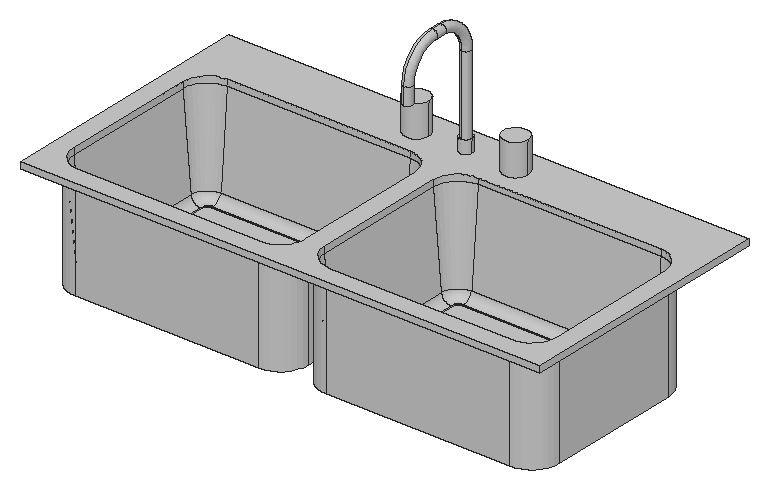
Revit family "Sink Kitchen-Double.rfa #", category Plumbing Fixtures, Revit 2023
Family settings
  Round Connector Dimension = Use Diameter
  Part Type = Normal
  Work Plane-Based = No
  Enable Cutting in Views = No
  Always vertical = Yes
  Cut with Voids When Loaded = No
  Maintain Annotation Orientation = No
  Shared = Yes
  Room Calculation Point = No
Parameters (values of type "42" x 21"")
  Default Elevation = 0' - 0"
  Assembly Code = "D2010410"
  Counter Height = 3' - 0"
  Depth = 1' - 9"
  Faucet Material = Steel, Polished
  Sink Material = Steel, Polished
  Width = 3' - 6"
Reference planes (in)
  plane 1 "Center (Front/Back)": y = -1.40766
  plane 2: z = 0
  plane 3 "Center (Left/Right)": x = 0.61769
  plane 4: y = 10.59234
  plane 5: y = -10.40766
  plane 6: x = -20.38231
  plane 7: x = 21.61769
  plane 8 "Top Of Counter": z = 36
  plane 9: z = 36.5
  plane 10: z = 27.5
  plane 11: y = 6.09234
  plane 12: x = -18.88231
  plane 13: y = -8.90766
  plane 14: x = 20.11769
  plane 15: x = -3.38231
  plane 16: x = 4.61769
  plane 17: y = 8.34234
  plane 18: y = 8.34234
  plane 19: y = 8.34234
  plane 20: z = 46.375
  plane 21: y = 2.46734
  plane 22: z = 39
  plane 23: z = 37.5
  plane 24: x = -0.13231
  plane 25: x = 1.36769
  plane 26: x = -9.13231
  plane 27: x = 10.36769
  plane 28: z = 27.875
Forms (in)
  Extrusion 1, solid, material "Steel, Polished" <- "Sink Material"
    sketch origin (0, 0, 0) x (1, 0, 0) y (0, 1, 0)
      loop
        line (-20.38231, 10.59234) -> (-20.38231, -10.40766) -> (21.61769, -10.40766) -> (21.61769, 10.59234) -> (-20.38231, 10.59234)
      loop
        arc (-16.88231, 6.09234) -> (-18.29653, 5.50655) -> (-18.88231, 4.09234) r 2
        line (-18.88231, 4.09234) -> (-18.88231, -6.90766)
        arc (-18.88231, -6.90766) -> (-18.29653, -8.32187) -> (-16.88231, -8.90766) r 2
        line (-16.88231, -8.90766) -> (-2.13231, -8.90766)
        arc (-2.13231, -8.90766) -> (-0.7181, -8.32187) -> (-0.13231, -6.90766) r 2
        line (-0.13231, -6.90766) -> (-0.13231, 4.09234)
        arc (-0.13231, 4.09234) -> (-0.7181, 5.50655) -> (-2.13231, 6.09234) r 2
        line (-2.13231, 6.09234) -> (-16.88231, 6.09234)
      loop
        arc (18.11769, -8.90766) -> (19.5319, -8.32187) -> (20.11769, -6.90766) r 2
        line (20.11769, -6.90766) -> (20.11769, 4.09234)
        arc (20.11769, 4.09234) -> (19.5319, 5.50655) -> (18.11769, 6.09234) r 2
        line (18.11769, 6.09234) -> (3.36769, 6.09234)
        arc (3.36769, 6.09234) -> (1.95347, 5.50655) -> (1.36769, 4.09234) r 2
        line (1.36769, 4.09234) -> (1.36769, -6.90766)
        arc (1.36769, -6.90766) -> (1.95347, -8.32187) -> (3.36769, -8.90766) r 2
        line (3.36769, -8.90766) -> (18.11769, -8.90766)
    from 36 to 36.5
  Sweep 2, solid, material "Steel, Polished" <- "Sink Material"
    path origin (0, 0, 0) x (1, 0, 0) y (0, 1, 0)
      loop
        arc (-16.88231, 6.09234) -> (-18.29653, 5.50655) -> (-18.88231, 4.09234) r 2
        line (-18.88231, 4.09234) -> (-18.88231, -6.90766)
        arc (-18.88231, -6.90766) -> (-18.29653, -8.32187) -> (-16.88231, -8.90766) r 2
        line (-16.88231, -8.90766) -> (-2.13231, -8.90766)
        arc (-2.13231, -8.90766) -> (-0.7181, -8.32187) -> (-0.13231, -6.90766) r 2
        line (-0.13231, -6.90766) -> (-0.13231, 4.09234)
        arc (-0.13231, 4.09234) -> (-0.7181, 5.50655) -> (-2.13231, 6.09234) r 2
        line (-2.13231, 6.09234) -> (-16.88231, 6.09234)
    profile origin (-9.50731, 0, 0) x (0, 1, 0) y (0, 0, 1)
      loop
        line (6.09234, 36) -> (5.44139, 28.55963)
        arc (5.44139, 28.55963) -> (5.20094, 28.07204) -> (4.69424, 27.875) r 0.75
        line (4.69424, 27.875) -> (4.59234, 27.875) -> (4.59234, 27.5) -> (6.34234, 27.5) -> (6.34234, 36) -> (6.09234, 36)
  Extrusion 3, solid, material "Steel, Polished" <- "Sink Material"
    sketch origin (0, 0, 0) x (1, 0, 0) y (0, 1, 0)
      loop
        arc (-16.88231, 4.59234) -> (-17.23587, 4.44589) -> (-17.38231, 4.09234) r 0.5
        line (-17.38231, 4.09234) -> (-17.38231, -6.90766)
        arc (-17.38231, -6.90766) -> (-17.23587, -7.26121) -> (-16.88231, -7.40766) r 0.5
        line (-16.88231, -7.40766) -> (-2.13231, -7.40766)
        arc (-2.13231, -7.40766) -> (-1.77876, -7.26121) -> (-1.63231, -6.90766) r 0.5
        line (-1.63231, -6.90766) -> (-1.63231, 4.09234)
        arc (-1.63231, 4.09234) -> (-1.77876, 4.44589) -> (-2.13231, 4.59234) r 0.5
        line (-2.13231, 4.59234) -> (-16.88231, 4.59234)
      loop
        circle (-9.13231, -1.40766) r 1
    from 27.5 to 27.875
  Extrusion 4, solid, material "Steel, Polished" <- "Faucet Material"
    sketch origin (0, 0, 0) x (1, 0, 0) y (0, 1, 0)
      loop
        circle (-3.38231, 8.34234) r 1
      loop
        circle (4.61769, 8.34234) r 1
    from 36.5 to 39
  Sweep 5, solid, material "Steel, Polished" <- "Faucet Material"
    path origin (0.61769, 0, 0) x (0, 1, 0) y (0, 0, 1)
      loop
        line (8.34234, 36.5) -> (8.34234, 43.875)
        arc (8.34234, 43.875) -> (7.61011, 45.64277) -> (5.84234, 46.375) r 2.5
        line (5.84234, 46.375) -> (4.96734, 46.375)
        arc (4.96734, 46.375) -> (3.19957, 45.64277) -> (2.46734, 43.875) r 2.5
        line (2.46734, 43.875) -> (2.46734, 42.5)
    profile origin (0.61769, 0, 40.1875) x (0, -1, 0) y (1, 0, 0)
      loop
        circle (-8.34234, 0) r 0.375
  Extrusion 6, solid, material "Steel, Polished" <- "Faucet Material"
    sketch origin (0, 0, 0) x (1, 0, 0) y (0, 1, 0)
      loop
        circle (0.61769, 8.34234) r 0.5
    from 36.5 to 37.5
  Sweep 7, solid, material "Steel, Polished" <- "Sink Material"
    path origin (1.23537, 0, 0) x (-1, 0, 0) y (0, -1, 0)
      loop
        line (-16.88231, -6.09234) -> (-2.13231, -6.09234)
        arc (-2.13231, -6.09234) -> (-0.7181, -5.50655) -> (-0.13231, -4.09234) r 2
        line (-0.13231, -4.09234) -> (-0.13231, 6.90766)
        arc (-0.13231, 6.90766) -> (-0.7181, 8.32187) -> (-2.13231, 8.90766) r 2
        line (-2.13231, 8.90766) -> (-16.88231, 8.90766)
        arc (-16.88231, 8.90766) -> (-18.29653, 8.32187) -> (-18.88231, 6.90766) r 2
        line (-18.88231, 6.90766) -> (-18.88231, -4.09234)
        arc (-18.88231, -4.09234) -> (-18.29653, -5.50655) -> (-16.88231, -6.09234) r 2
    profile origin (10.74269, 0, 0) x (0, -1, 0) y (0, 0, 1)
      loop
        line (-6.09234, 36) -> (-6.34234, 36) -> (-6.34234, 27.5) -> (-4.59234, 27.5) -> (-4.59234, 27.875) -> (-4.69424, 27.875)
        arc (-4.69424, 27.875) -> (-5.20094, 28.07204) -> (-5.44139, 28.55963) r 0.75
        line (-5.44139, 28.55963) -> (-6.09234, 36)
  Extrusion 8, solid, material "Steel, Polished" <- "Sink Material"
    sketch origin (0, 0, 0) x (1, 0, 0) y (0, 1, 0)
      loop
        arc (3.36769, 4.69424) -> (3.01413, 4.5478) -> (2.86769, 4.19424) r 0.5
        line (2.86769, 4.19424) -> (2.86769, -6.90766)
        arc (2.86769, -6.90766) -> (3.01413, -7.26121) -> (3.36769, -7.40766) r 0.5
        line (3.36769, -7.40766) -> (18.11769, -7.40766)
        arc (18.11769, -7.40766) -> (18.47124, -7.26121) -> (18.61769, -6.90766) r 0.5
        line (18.61769, -6.90766) -> (18.61769, 4.19424)
        arc (18.61769, 4.19424) -> (18.47124, 4.5478) -> (18.11769, 4.69424) r 0.5
        line (18.11769, 4.69424) -> (3.36769, 4.69424)
      loop
        circle (10.36769, -1.40766) r 1
    from 27.5 to 27.875
Cuts and joins
  joined: Extrusion 1, Sweep 2, Sweep 7
  joined: Sweep 5, Extrusion 6
Lines and regions (in)
  Masking region 1
    outline origin (0, 0, 36) x (0, -1, 0) y (1, 0, 0)
      loop
        line (-10.59234, -20.38231) -> (10.40766, -20.38231) -> (10.40766, 21.61769) -> (-10.59234, 21.61769) -> (-10.59234, -20.38231)
  symbolic lines
    curve 1: line (-18.88231, 4.09234, 36) -> (-18.88231, -6.90766, 36)
    curve 2: line (-16.88231, -8.90766, 36) -> (-2.13231, -8.90766, 36)
    curve 3: line (20.11769, -6.90766, 36) -> (20.11769, 4.09234, 36)
    curve 4: line (18.11769, 6.09234, 36) -> (3.36769, 6.09234, 36)
    curve 5: arc (20.11769, 4.09234, 36) -> (19.5319, 5.50655, 36) -> (18.11769, 6.09234, 36) r 2
    curve 6: arc (18.11769, -8.90766, 36) -> (19.5319, -8.32187, 36) -> (20.11769, -6.90766, 36) r 2
    curve 7: arc (-18.88231, -6.90766, 36) -> (-18.29653, -8.32187, 36) -> (-16.88231, -8.90766, 36) r 2
    curve 8: arc (-16.88231, 6.09234, 36) -> (-18.29653, 5.50655, 36) -> (-18.88231, 4.09234, 36) r 2
    curve 9: arc (1.11769, 8.34234, 36) -> (0.61769, 8.84234, 36) -> (0.11769, 8.34234, 36) r 0.5
    curve 10: line (0.11769, 8.34234, 36) -> (0.11769, 0.59234, 36)
    curve 11: line (1.11769, 8.34234, 36) -> (1.11769, 0.59234, 36)
    curve 12: arc (1.11769, 0.59234, 36) -> (0.61769, 0.09234, 36) -> (0.11769, 0.59234, 36) r 0.5
    curve 13: line (-0.13231, 4.09234, 36) -> (-0.13231, -6.90766, 36)
    curve 14: line (1.36769, 4.09234, 36) -> (1.36769, -6.90766, 36)
    curve 15: line (3.36769, -8.90766, 36) -> (18.11769, -8.90766, 36)
    curve 16: line (-2.13231, 6.09234, 36) -> (-16.88231, 6.09234, 36)
    curve 17: arc (3.36769, 6.09234, 36) -> (1.95347, 5.50655, 36) -> (1.36769, 4.09234, 36) r 2
    curve 18: arc (1.36769, -6.90766, 36) -> (1.95347, -8.32187, 36) -> (3.36769, -8.90766, 36) r 2
    curve 19: arc (-0.13231, -6.90766, 36) -> (-0.7181, -8.32187, 36) -> (-2.13231, -8.90766, 36) r 2
    curve 20: arc (-0.13231, 4.09234, 36) -> (-0.7181, 5.50655, 36) -> (-2.13231, 6.09234, 36) r 2
    curve 21: arc (-10.13231, -1.40766, 36) -> (-9.13231, -0.40766, 36) -> (-8.13231, -1.40766, 36) r 1
    curve 22: arc (-8.13231, -1.40766, 36) -> (-9.13231, -2.40766, 36) -> (-10.13231, -1.40766, 36) r 1
    curve 23: arc (9.36769, -1.40766, 36) -> (10.36769, -0.40766, 36) -> (11.36769, -1.40766, 36) r 1
    curve 24: arc (11.36769, -1.40766, 36) -> (10.36769, -2.40766, 36) -> (9.36769, -1.40766, 36) r 1
    curve 25: arc (-4.38231, 8.34234, 36) -> (-3.38231, 7.34234, 36) -> (-2.38231, 8.34234, 36) r 1
    curve 26: arc (-2.38231, 8.34234, 36) -> (-3.38231, 9.34234, 36) -> (-4.38231, 8.34234, 36) r 1
    curve 27: arc (3.61769, 8.34234, 36) -> (4.61769, 7.34234, 36) -> (5.61769, 8.34234, 36) r 1
    curve 28: arc (5.61769, 8.34234, 36) -> (4.61769, 9.34234, 36) -> (3.61769, 8.34234, 36) r 1
Dimensions and locks (in)
  equal spacing: plane 6, plane 3 "Center (Left/Right)", plane 7
  "Width": plane 6 to plane 7
  "Depth": plane 5 to plane 4
  "Counter Height": plane 8 "Top Of Counter" to plane 2
  locked: plane 9 to plane 8 "Top Of Counter" at 0.5
  locked: plane 8 "Top Of Counter" to plane 10 at 8.5
  locked: plane 6 to plane 12 at 1.5
  locked: plane 14 to plane 7 at 1.5
  locked: plane 11 to plane 4 at 4.5
  locked: plane 5 to plane 13 at 1.5
  equal spacing: plane 11, plane 17, plane 4
  equal spacing: plane 11, plane 18, plane 4
  equal spacing: plane 4, plane 19, plane 11
  locked: plane 19 to plane 21 at 5.875
  locked: plane 20 to plane 9 at 9.875
  locked: plane 22 to plane 9 at 2.5
  locked: plane 23 to plane 9 at 1
  plane 24 to plane 3 "Center (Left/Right)" to plane 25 = 0' - 0 3/4" locked, 0' - 0 3/4" locked
  equal spacing: plane 12, plane 26, plane 3 "Center (Left/Right)"
  equal spacing: plane 3 "Center (Left/Right)", plane 27, plane 14
  equal spacing: plane 13, plane 1 "Center (Front/Back)", plane 11
  locked: plane 15 to plane 3 "Center (Left/Right)" at 4
  locked: plane 3 "Center (Left/Right)" to plane 16 at 4
  locked: plane 28 to plane 10 at 0.375
  aligned and locked: Extrusion 1 sketch curve to plane 5
  aligned and locked: plane 7 to Extrusion 1 sketch curve
  aligned and locked: plane 4 to Extrusion 1 sketch curve
  aligned and locked: Extrusion 1 sketch curve to plane 6
  aligned and locked: plane 8 "Top Of Counter" to Extrusion 1
  aligned and locked: Extrusion 1 to plane 9
  aligned and locked: plane 11 to Extrusion 1 sketch curve
  aligned and locked: plane 14 to Extrusion 1 sketch curve
  aligned and locked: Extrusion 1 sketch curve to plane 12
  aligned and locked: Extrusion 1 sketch curve to plane 13
  aligned and locked: plane 11 to Sweep 2 sketch curve
  aligned and locked: Sweep 2 sketch curve to plane 12
  aligned and locked: Sweep 2 sketch curve to plane 13
  aligned and locked: Sweep 2 to Extrusion 3 sketch curve  (x4)
  aligned and locked: plane 10 to Extrusion 3
  aligned and locked: Sweep 2 sketch curve to plane 10
  aligned and locked: plane 8 "Top Of Counter" to Sweep 2 sketch curve
  aligned and locked: Extrusion 4 to Extrusion 1
  aligned and locked: Extrusion 6 to Extrusion 1
  aligned and locked: Sweep 5 sketch curve to plane 19
  aligned and locked: plane 20 to Sweep 5 sketch curve
  aligned and locked: plane 21 to Sweep 5 sketch curve
  aligned and locked: Extrusion 4 to plane 22
  aligned and locked: Extrusion 6 to plane 23
  aligned and locked: Sweep 2 sketch curve to Extrusion 1
  aligned and locked: Sweep 7 sketch curve to plane 14
  aligned and locked: Sweep 7 sketch curve to Extrusion 1
  aligned and locked: Sweep 7 sketch curve to plane 11
  aligned and locked: plane 13 to Sweep 7 sketch curve
  aligned and locked: plane 10 to Extrusion 8
  aligned and locked: curve 21 to Extrusion 3
  aligned and locked: curve 23 to Extrusion 8
  aligned and locked: Extrusion 8 sketch curve to Sweep 7
  aligned and locked: Sweep 7 sketch curve to plane 8 "Top Of Counter"
  aligned and locked: plane 10 to Sweep 7 sketch curve
  aligned and locked: plane 4 to Masking region 1 sketch curve
  aligned and locked: plane 7 to Masking region 1 sketch curve
  aligned and locked: Masking region 1 sketch curve to plane 5
  aligned and locked: Masking region 1 sketch curve to plane 6
  aligned and locked: plane 15 to Extrusion 4 sketch curve
  aligned and locked: plane 17 to Extrusion 4 sketch curve  (x2)
  aligned and locked: plane 16 to Extrusion 4 sketch curve
  aligned and locked: curve 25 to Extrusion 4
  aligned and locked: curve 27 to Extrusion 4
  aligned and locked: Extrusion 3 to plane 28
  aligned and locked: Extrusion 8 to plane 28
Automatic sketch dimensions
  Sweep 2 sketch curve to profile plane = 0' - 0"
  profile plane to Sweep 2 sketch curve = 0' - 0.65095"
  Sweep 2 sketch curve to Sweep 2 sketch curve = 0' - 0.74715"
  Sweep 2 sketch curve to Sweep 2 sketch curve = 0' - 0.10191"
  Sweep 2 sketch curve to profile plane = 0' - 0 1/4"
  Sweep 2 sketch curve to Sweep 2 sketch curve = 0' - 0 3/8"
  Sweep 2 sketch curve to Sweep 2 sketch curve = 0' - 0.68463"
  plane 15 to Extrusion 4 sketch curve = 0' - 1"
  plane 16 to Extrusion 4 sketch curve = 0' - 1"
  Sweep 5 sketch curve to plane 3 "Center (Left/Right)" = 0' - 0"
  Sweep 5 sketch curve to profile plane = 0' - 0"
  profile plane to Sweep 5 sketch curve = 0' - 0 3/8"
  Extrusion 6 sketch curve to plane 18 = 0' - 0"
  Extrusion 6 sketch curve to plane 3 "Center (Left/Right)" = 0' - 0"
  Extrusion 6 sketch curve to plane 3 "Center (Left/Right)" = 0' - 0 1/2"
  Sweep 5 sketch curve to plane 9 = 0' - 0"
  Sweep 5 sketch curve to Sweep 5 sketch curve = 0' - 2 1/2"
  plane 11 to Sweep 5 sketch curve = 0' - 0 1/4"
  Sweep 5 sketch curve to Sweep 5 sketch curve = 0' - 1 3/8"
  Extrusion 1 sketch curve to plane 13 = 0' - 0"
  Extrusion 1 sketch curve to plane 24 = 0' - 0"
  Extrusion 1 sketch curve to plane 25 = 0' - 0"
  Extrusion 1 sketch curve to plane 11 = 0' - 0"
  Extrusion 1 sketch curve to plane 12 = 0' - 2"  (x2)
  Extrusion 1 sketch curve to plane 3 "Center (Left/Right)" = 0' - 2 3/4"  (x2)
  plane 3 "Center (Left/Right)" to Extrusion 1 sketch curve = 0' - 2 3/4"  (x2)
  plane 14 to Extrusion 1 sketch curve = 0' - 2"
  Extrusion 1 sketch curve to Extrusion 1 sketch curve = 0' - 2"
  Sweep 2 sketch curve to plane 12 = 0' - 2"  (x2)
  Sweep 2 sketch curve to plane 3 "Center (Left/Right)" = 0' - 2 3/4"  (x2)
  plane 14 to Sweep 7 sketch curve = 0' - 2"  (x2)
  Sweep 7 sketch curve to Sweep 7 sketch curve = 0' - 2"
  plane 3 "Center (Left/Right)" to Sweep 7 sketch curve = 0' - 2 3/4"
  Extrusion 3 sketch curve to plane 1 "Center (Front/Back)" = 0' - 0"
  Extrusion 3 sketch curve to plane 26 = 0' - 0"
  Extrusion 3 sketch curve to Extrusion 3 sketch curve = 0' - 0 1/2"  (x4)
  plane 26 to Extrusion 3 sketch curve = 0' - 1"
  Extrusion 8 sketch curve to plane 1 "Center (Front/Back)" = 0' - 0"
  Extrusion 8 sketch curve to plane 27 = 0' - 0"
  plane 27 to Extrusion 8 sketch curve = 0' - 1"
  plane 3 "Center (Left/Right)" to Extrusion 8 sketch curve = 0' - 2 3/4"  (x2)
  Extrusion 8 sketch curve to Extrusion 8 sketch curve = 0' - 0 1/2"  (x2)
  plane 11 to Extrusion 8 sketch curve = 0' - 1.89809"
  Extrusion 8 sketch curve to plane 13 = 0' - 2"
  plane 7 to Extrusion 8 sketch curve = 0' - 3 1/2"
  Sweep 7 sketch curve to profile plane = 0' - 0"
  profile plane to Sweep 7 sketch curve = 0' - 0 1/4"
  Sweep 7 sketch curve to profile plane = 0' - 0.65095"
  Sweep 7 sketch curve to Sweep 7 sketch curve = 0' - 0.74715"
  Sweep 7 sketch curve to Sweep 7 sketch curve = 0' - 0.10191"
  Sweep 7 sketch curve to Sweep 7 sketch curve = 0' - 0.06537"
  Sweep 7 sketch curve to Sweep 7 sketch curve = 0' - 1.05963"
  curve 20 to plane 11 = 0' - 0"
  curve 17 to plane 11 = 0' - 0"
  curve 5 to plane 14 = 0' - 0"
  curve 1 to plane 12 = 0' - 0"
  curve 12 to plane 3 "Center (Left/Right)" = 0' - 0"
  curve 7 to plane 13 = 0' - 0"
  curve 18 to plane 13 = 0' - 0"
  plane 4 to curve 11 = 0' - 2 1/4"
  plane 11 to curve 5 = 0' - 2"
  plane 11 to curve 8 = 0' - 2"
  curve 13 to plane 3 "Center (Left/Right)" = 0' - 0 3/4"
  curve 14 to curve 13 = 0' - 0"
  curve 11 to plane 1 "Center (Front/Back)" = 0' - 2"
  plane 3 "Center (Left/Right)" to curve 14 = 0' - 0 3/4"
  curve 14 to plane 13 = 0' - 2"
  curve 13 to curve 14 = 0' - 0"
  curve 1 to plane 13 = 0' - 2"
  curve 6 to plane 13 = 0' - 2"
  curve 9 to plane 3 "Center (Left/Right)" = 0' - 0 1/2"
  curve 4 to curve 27 = 0' - 0 1/4"
